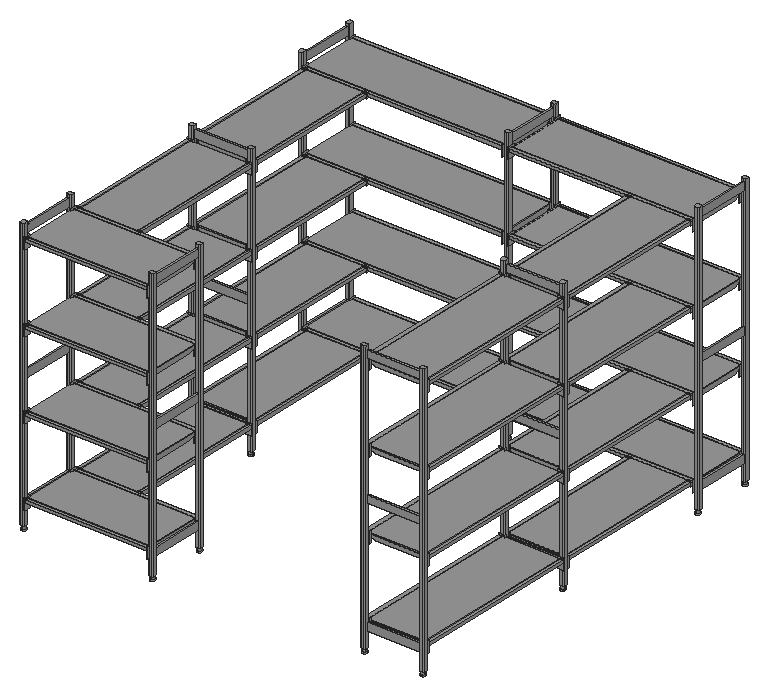
Revit family "QF_ELECTROLUXPROFESSIONAL_137103_CRS2424", category Attrezzature speciali, Revit 2020 (continued)
Definition of nested family "QF_708"
  Lines and regions (mm)
    symbolic lines
      curve 9: line (327, -350, 1700) -> (327, -314.007, 1700)
      curve 10: line (327, -314.007, 1700) -> (323, -314.007, 1700)
      curve 11: line (-385, -12.993, 1700) -> (-385, -314.007, 1700)
      curve 12: line (-385, -331, 1700) -> (323, -331, 1700)
      curve 13: line (323, -12.993, 1700) -> (323, -314.007, 1700)
  Dimensions and locks
    locked: plane 3 "LEFT" to plane 4 "RIGHT" at 772
    equal spacing: plane 3 "LEFT", plane 2 "Center (Left/Right)", plane 4 "RIGHT"
    locked: plane 7 "TOP" to level at 1700
    locked: plane 5 "BACK" to plane 6 "FRONT" at 373
    locked: plane 4 "RIGHT" to plane 8 at 5
    locked: plane 9 to plane 10 at 708
    locked: plane 3 "LEFT" to plane 9 at 32
    plane 12 to plane 10 = 5 mm
    locked: plane 13 to plane 14 at 310
    equal spacing: plane 13, plane 11 "Center (Front/Back)", plane 14
    equal spacing: plane 5 "BACK", plane 11 "Center (Front/Back)", plane 6 "FRONT"
    plane 15 "FEET" to level = 25 mm
    plane 7 "TOP" to plane 15 "FEET" = 1675 mm
    plane 17 to plane 16 = 450 mm
    plane 18 to plane 17 = 450 mm
    plane 19 to plane 18 = 450 mm
    locked: plane 3 "LEFT" to plane 20 "CXLeft" at 14
    locked: plane 21 "CXRight" to plane 4 "RIGHT" at 14
    locked: plane 5 "BACK" to plane 23 "CYBack" at 17.5
    locked: plane 24 "CYFront" to plane 6 "FRONT" at 17.5
    plane 16 to level = 140 mm
    plane 17 to level = 590 mm
    plane 18 to level = 1040 mm
    plane 19 to level = 1490 mm
    aligned and locked: level to plane 1
    aligned and locked: plane 9 to Extrusion 2
    aligned and locked: Extrusion 2 to plane 10
    aligned and locked: plane 9 to Extrusion 1
    aligned and locked: Extrusion 1 to plane 10
    aligned and locked: Extrusion 1 sketch curve to Extrusion 1 sketch curve  (x2)
    aligned and locked: Extrusion 3 sketch curve to Extrusion 3 sketch curve  (x3)
    aligned and locked: Extrusion 3 to plane 12
    aligned and locked: Extrusion 3 to plane 10
    aligned and locked: plane 20 "CXLeft" to nested 1
    aligned and locked: plane 21 "CXRight" to nested 2
  Automatic sketch dimensions
    Extrusion 1 sketch curve to plane 6 "FRONT" = 0 mm  (x4)
    Extrusion 1 sketch curve to plane 5 "BACK" = 0 mm  (x4)
    plane 24 "CYFront" to Extrusion 1 sketch curve = 1.5 mm  (x2)
    plane 22 to Extrusion 1 sketch curve = 1.5 mm  (x4)
    plane 16 to Extrusion 1 sketch curve = 7.998 mm  (x2)
    Extrusion 1 sketch curve to Extrusion 1 sketch curve = 17.997 mm  (x8)
    plane 17 to Extrusion 1 sketch curve = 7.998 mm  (x2)
    plane 18 to Extrusion 1 sketch curve = 7.998 mm  (x2)
    plane 19 to Extrusion 1 sketch curve = 7.998 mm  (x2)
    plane 24 "CYFront" to Extrusion 2 sketch curve = 3.5 mm  (x4)
    plane 22 to Extrusion 2 sketch curve = 3.493 mm  (x4)
    plane 16 to Extrusion 2 sketch curve = 19.496 mm
    Extrusion 2 sketch curve to Extrusion 2 sketch curve = 6.499 mm  (x4)
    plane 17 to Extrusion 2 sketch curve = 19.496 mm
    plane 18 to Extrusion 2 sketch curve = 19.496 mm
    plane 19 to Extrusion 2 sketch curve = 19.496 mm
    plane 24 "CYFront" to Extrusion 3 sketch curve = 1.5 mm  (x4)
    Extrusion 3 sketch curve to Extrusion 3 sketch curve = 2 mm
    plane 14 to Extrusion 3 sketch curve = 3.5 mm  (x4)
    Extrusion 3 sketch curve to plane 16 = 4.006 mm
    Extrusion 3 sketch curve to Extrusion 3 sketch curve = 34 mm  (x4)
    Extrusion 3 sketch curve to plane 17 = 4.006 mm
    Extrusion 3 sketch curve to plane 18 = 4.006 mm
    Extrusion 3 sketch curve to plane 19 = 4.006 mm
    Extrusion 3 sketch curve to plane 13 = 37.5 mm  (x4)
    Extrusion 3 sketch curve to plane 13 = 3.5 mm  (x4)
    plane 22 to Extrusion 3 sketch curve = 3.493 mm  (x4)
    plane 22 to Extrusion 3 sketch curve = 1.5 mm  (x4)
    plane 16 to Extrusion 3 sketch curve = 7.998 mm  (x2)
    Extrusion 3 sketch curve to Extrusion 3 sketch curve = 11.498 mm  (x4)
    Extrusion 3 sketch curve to Extrusion 3 sketch curve = 6.499 mm  (x8)
    plane 17 to Extrusion 3 sketch curve = 7.998 mm  (x2)
    plane 18 to Extrusion 3 sketch curve = 7.998 mm  (x2)
    plane 19 to Extrusion 3 sketch curve = 7.998 mm  (x2)
    curve 6 to plane 6 "FRONT" = 0 mm
    curve 12 to plane 9 = 0 mm
    curve 12 to plane 10 = 0 mm
    curve 5 to plane 14 = 0 mm
    curve 11 to plane 9 = 0 mm
    curve 8 to plane 10 = 0 mm
    curve 4 to plane 13 = 0 mm
    curve 1 to plane 9 = 0 mm
    curve 1 to plane 10 = 0 mm
    curve 2 to plane 5 "BACK" = 0 mm
    plane 14 to curve 10 = 4.493 mm
    curve 7 to plane 13 = 4.493 mm
    curve 10 to plane 10 = 4 mm
    curve 7 to plane 10 = 4 mm
    plane 24 "CYFront" to curve 12 = 1.5 mm
    curve 5 to plane 14 = 6.254 mm
    plane 14 to curve 11 = 4.493 mm
    curve 11 to plane 13 = 4.493 mm
    plane 13 to curve 4 = 6.254 mm
    plane 22 to curve 1 = 1.5 mm
    curve 3 to plane 22 = 7.746 mm
    curve 3 to plane 5 "BACK" = 3.5 mm
    curve 5 to curve 9 = 6.254 mm
    curve 3 to curve 2 = 6.254 mm
    curve 4 to curve 7 = 6.254 mm
    plane 9 to curve 2 = 4 mm
    plane 9 to curve 6 = 4 mm
  Nested families
    nested 1: "WT_Anta373B" at (0, 0, 0), type "WT_Anta373B"
    nested 2: "WT_Anta373B" at (-62, 0, 0) x (-1, 0, 0) z (0, 0, 1), type "WT_Anta373B"
  Definition of nested family "WT_Anta373B"
    Parameters
      WidthLeft = A + 64 mm  # 772 mm
      Width = 1606 mm
      Right = WidthLeft / 2  # 386 mm
      Default Elevation = 0 mm
      Left = -WidthLeft / 2  # -386 mm
      Height = 1590 mm
      FEET = 25 mm
      E = 0 mm
      Dint = Depth - 63 mm  # 310 mm
      Dext = Depth - 8 mm  # 365 mm
      Depth = 373 mm
      DX = (WidthLeft - A) / 2  # 32 mm
      B = 798 mm
      A = 708 mm
    Reference planes
      plane 1: z = 0
      plane 2 "LEFT": x = -417
      plane 3 "BACK": y = 23
      plane 4 "FRONT": y = -350
      plane 5 "TOP": z = 1590
      plane 6 "Center (Front/Back)": y = -163.5
      plane 7: y = -8.5
      plane 8: y = -318.5
      plane 9 "FEET": z = 25
      plane 10: z = 140
      plane 11: z = 590
      plane 12: z = 1040
      plane 13: z = 1490
      plane 14 "CXLeft": x = -403
      plane 15: y = 5.5
      plane 16 "CYBack": y = 5.5
      plane 17 "CYFront": y = -332.5
      plane 18: x = -385.031
      plane 19: x = -380.031
    Forms (mm)
      Extrusion 1, solid
        sketch origin (0, 0, 0) x (1, 0, 0) y (0, 1, 0)
          loop
            line (-417, 13.246) -> (-417, -2.246) -> (-410.746, -8.5) -> (-395.254, -8.5) -> (-389, -2.246) -> (-389, 13.246) -> (-395.254, 19.5) -> (-410.746, 19.5) -> (-417, 13.246)
        from 1590 to 25
      Extrusion 2, solid
        sketch origin (-417, 0, 0) x (0, 1, 0) y (0, 0, 1)
          loop
            line (23, 111.005) -> (23, 172.993) -> (-12.993, 172.993) -> (-12.993, 111.005) -> (23, 111.005)
          loop
            line (-350, 111.005) -> (-314.007, 111.005) -> (-314.007, 172.993) -> (-350, 172.993) -> (-350, 111.005)
          loop
            line (23, 561.005) -> (23, 622.993) -> (-12.993, 622.993) -> (-12.993, 561.005) -> (23, 561.005)
          loop
            line (-350, 561.005) -> (-314.007, 561.005) -> (-314.007, 622.993) -> (-350, 622.993) -> (-350, 561.005)
          loop
            line (23, 1011.005) -> (23, 1072.993) -> (-12.993, 1072.993) -> (-12.993, 1011.005) -> (23, 1011.005)
          loop
            line (-350, 1011.005) -> (-314.007, 1011.005) -> (-314.007, 1072.993) -> (-350, 1072.993) -> (-350, 1011.005)
          loop
            line (23, 1461.005) -> (23, 1522.993) -> (-12.993, 1522.993) -> (-12.993, 1461.005) -> (23, 1461.005)
          loop
            line (-350, 1461.005) -> (-314.007, 1461.005) -> (-314.007, 1522.993) -> (-350, 1522.993) -> (-350, 1461.005)
        from 28 to 32
      Revolve 3, solid
        sketch origin (-403, 0, 0) x (0, 1, 0) y (0, 0, 1)
          loop
            line (5.5, 25) -> (5.5, 0) -> (19, 0) -> (19, 5) -> (14, 5) -> (14, 25) -> (5.5, 25)
          axis (5.5, 25) -> (5.5, 0)
        angle from 0 to 360
      Extrusion 4, solid
        sketch origin (-403, 0, 0) x (0, 1, 0) y (0, 0, 1)
          loop
            line (-8.5, 777.382) -> (-8.5, 822.374) -> (-318.5, 822.374) -> (-318.5, 777.382) -> (-8.5, 777.382)
          loop
            line (-8.5, 1527.244) -> (-8.5, 1572.236) -> (-318.5, 1572.236) -> (-318.5, 1527.244) -> (-8.5, 1527.244)
        from -5 to 5
      Revolve 5, solid
        sketch origin (-403, -627, 0) x (0, -1, 0) y (0, 0, 1)
          loop
            line (-294.5, 25) -> (-294.5, 0) -> (-281, 0) -> (-281, 5) -> (-286, 5) -> (-286, 25) -> (-294.5, 25)
          axis (-294.5, 25) -> (-294.5, 0)
        angle from 0 to 360
      Extrusion 6, solid
        sketch origin (0, -627, 0) x (1, 0, 0) y (0, 1, 0)
          loop
            line (-417, 286.754) -> (-410.746, 280.5) -> (-395.254, 280.5) -> (-389, 286.754) -> (-389, 302.246) -> (-395.254, 308.5) -> (-410.746, 308.5) -> (-417, 302.246) -> (-417, 286.754)
        from 1590 to 25
      Extrusion 7, solid
        sketch origin (-417.031, -0.022, 0) x (0, 1, 0) y (0, 0, -1)
          loop
            line (-12, -1497.998) -> (-46, -1485.994) -> (-281, -1485.994) -> (-315, -1497.998) -> (-331, -1497.998) -> (-331, -1515.994) -> (-329, -1515.994) -> (-329, -1509.496) -> (2.007, -1509.496) -> (2.007, -1515.994) -> (4, -1515.994) -> (4, -1497.998) -> (-12, -1497.998)
          loop
            line (-12, -1047.998) -> (-46, -1035.994) -> (-281, -1035.994) -> (-315, -1047.998) -> (-331, -1047.998) -> (-331, -1065.994) -> (-329, -1065.994) -> (-329, -1059.496) -> (2.007, -1059.496) -> (2.007, -1065.994) -> (4, -1065.994) -> (4, -1047.998) -> (-12, -1047.998)
          loop
            line (-12, -597.998) -> (-46, -585.994) -> (-281, -585.994) -> (-315, -597.998) -> (-331, -597.998) -> (-331, -615.994) -> (-329, -615.994) -> (-329, -609.496) -> (2.007, -609.496) -> (2.007, -615.994) -> (4, -615.994) -> (4, -597.998) -> (-12, -597.998)
          loop
            line (-12, -147.998) -> (-46, -135.994) -> (-281, -135.994) -> (-315, -147.998) -> (-331, -147.998) -> (-331, -165.994) -> (-329, -165.994) -> (-329, -159.496) -> (2.007, -159.496) -> (2.007, -165.994) -> (4, -165.994) -> (4, -147.998) -> (-12, -147.998)
        from -32 to -37
      Extrusion 8, solid
        sketch origin (-403, 0, -659.878) x (0, 1, 0) y (0, 0, 1)
          loop
            line (-8.5, 777.382) -> (-8.5, 822.374) -> (-318.5, 822.374) -> (-318.5, 777.382) -> (-8.5, 777.382)
          loop
            line (-8.5, 1437.382) -> (-8.5, 1482.374) -> (-318.5, 1482.374) -> (-318.5, 1437.382) -> (-8.5, 1437.382)
          loop
            line (-8.5, 2187.382) -> (-8.5, 2232.374) -> (-318.5, 2232.374) -> (-318.5, 2187.382) -> (-8.5, 2187.382)
        from -5 to 5
    Lines and regions (mm)
      symbolic lines
        curve 1: line (-408, -8.5, 1590) -> (-408, -318.5, 1590)
        curve 2: line (-398, -318.5, 1590) -> (-398, -8.5, 1590)
        curve 3: line (-395.254, -8.5, 1590) -> (-410.746, -8.5, 1590)
        curve 4: line (-417, -2.246, 1590) -> (-410.746, -8.5, 1590)
        curve 5: line (-417, 13.246, 1590) -> (-417, -2.246, 1590)
        curve 6: line (-410.746, 19.5, 1590) -> (-417, 13.246, 1590)
        curve 7: line (-395.254, 19.5, 1590) -> (-410.746, 19.5, 1590)
        curve 8: line (-389, 13.246, 1590) -> (-395.254, 19.5, 1590)
        curve 9: line (-395.254, -8.5, 1590) -> (-389, -2.246, 1590)
        curve 10: line (-395.254, -318.5, 1590) -> (-410.746, -318.5, 1590)
        curve 11: line (-417, -324.754, 1590) -> (-410.746, -318.5, 1590)
        curve 12: line (-410.746, -346.5, 1590) -> (-417, -340.246, 1590)
        curve 13: line (-395.254, -346.5, 1590) -> (-410.746, -346.5, 1590)
        curve 14: line (-389, -340.246, 1590) -> (-395.254, -346.5, 1590)
        curve 15: line (-395.254, -318.5, 1590) -> (-389, -324.754, 1590)
        curve 16: line (-389, -350, 1590) -> (-389, -314.007, 1590)
        curve 17: line (-389, -314.007, 1590) -> (-385, -314.007, 1590)
        curve 18: line (-389, 23, 1590) -> (-389, -12.993, 1590)
        curve 19: line (-389, -12.993, 1590) -> (-385, -12.993, 1590)
        curve 20: line (-417, -324.754, 1590) -> (-417, -340.246, 1590)
        curve 21: line (-385, -350, 1590) -> (-385, -314.007, 1590)
        curve 22: line (-385, -350, 1590) -> (-389, -350, 1590)
        curve 23: line (-385, 23, 1590) -> (-389, 23, 1590)
        curve 24: line (-385, -12.993, 1590) -> (-385, 23, 1590)
        curve 25: line (-385.031, -13.016, 1725) -> (-385.031, -314.029, 1725)
    Dimensions and locks
      "Depth": plane 3 "BACK" to plane 4 "FRONT"
      "Dint": plane 7 to plane 8
      equal spacing: plane 7, plane 6 "Center (Front/Back)", plane 8
      equal spacing: plane 3 "BACK", plane 6 "Center (Front/Back)", plane 4 "FRONT"
      plane 9 "FEET" to level = 25 mm
      plane 10 to plane 9 "FEET" = 115 mm
      plane 11 to plane 10 = 450 mm
      plane 12 to plane 11 = 450 mm
      plane 13 to plane 12 = 450 mm
      locked: plane 2 "LEFT" to plane 14 "CXLeft" at 14
      locked: plane 3 "BACK" to plane 16 "CYBack" at 17.5
      locked: plane 17 "CYFront" to plane 4 "FRONT" at 17.5
      locked: Revolve 3 sketch curve to Revolve 3 sketch curve at 8.5
      locked: Revolve 3 sketch curve to plane 16 "CYBack" at 13.5
      locked: Revolve 5 sketch curve to Revolve 5 sketch curve at 8.5
      plane 10 to level = 140 mm
      plane 11 to level = 590 mm
      plane 12 to level = 1040 mm
      plane 13 to level = 1490 mm
      "Height": plane 5 "TOP" to level
      aligned and locked: level to plane 1
      aligned and locked: curve 20 to Extrusion 6
      aligned and locked: plane 5 "TOP" to Extrusion 1
      aligned and locked: plane 5 "TOP" to Extrusion 6
      aligned and locked: Extrusion 7 sketch curve to Extrusion 7 sketch curve  (x3)
    Automatic sketch dimensions
      curve 16 to plane 4 "FRONT" = 0 mm
      curve 11 to plane 8 = 0 mm
      curve 9 to plane 7 = 0 mm
      curve 5 to plane 2 "LEFT" = 0 mm
      curve 23 to plane 3 "BACK" = 0 mm
      plane 4 "FRONT" to curve 13 = 3.5 mm
      curve 20 to plane 17 "CYFront" = 7.746 mm
      curve 20 to plane 8 = 6.254 mm
      plane 8 to curve 16 = 4.493 mm
      curve 24 to plane 18 = 0.031 mm
      curve 24 to plane 7 = 4.493 mm
      plane 7 to curve 5 = 6.254 mm
      curve 5 to plane 15 = 7.746 mm
      curve 6 to plane 3 "BACK" = 3.5 mm
      curve 21 to plane 18 = 0.031 mm
      plane 18 to curve 23 = 3.969 mm
      plane 18 to curve 16 = 3.969 mm
      curve 18 to curve 8 = 6.254 mm
      curve 18 to curve 3 = 6.254 mm
      curve 16 to curve 13 = 6.254 mm
      curve 16 to curve 15 = 6.254 mm
      plane 2 "LEFT" to curve 10 = 6.254 mm
      plane 2 "LEFT" to curve 7 = 6.254 mm
      plane 2 "LEFT" to curve 12 = 6.254 mm
      plane 2 "LEFT" to curve 3 = 6.254 mm
      curve 14 to plane 17 "CYFront" = 7.746 mm
      curve 15 to plane 8 = 6.254 mm
      plane 7 to curve 9 = 6.254 mm
      curve 8 to plane 15 = 7.746 mm
      curve 3 to curve 2 = 2.746 mm
      curve 1 to curve 10 = 2.746 mm
      Extrusion 1 sketch curve to plane 2 "LEFT" = 0 mm
      Extrusion 1 sketch curve to plane 7 = 0 mm
      plane 2 "LEFT" to Extrusion 1 sketch curve = 6.254 mm  (x2)
      plane 14 "CXLeft" to Extrusion 1 sketch curve = 7.746 mm  (x2)
      Extrusion 1 sketch curve to plane 3 "BACK" = 3.5 mm
      plane 18 to Extrusion 1 sketch curve = 3.969 mm
      plane 7 to Extrusion 1 sketch curve = 6.254 mm  (x2)
      Extrusion 1 sketch curve to plane 15 = 7.746 mm  (x2)
      Extrusion 2 sketch curve to plane 4 "FRONT" = 0 mm  (x4)
      Extrusion 2 sketch curve to plane 3 "BACK" = 0 mm  (x4)
      plane 8 to Extrusion 2 sketch curve = 4.493 mm  (x4)
      Extrusion 2 sketch curve to plane 7 = 4.493 mm  (x4)
      Extrusion 2 sketch curve to plane 10 = 28.995 mm  (x2)
      plane 10 to Extrusion 2 sketch curve = 32.993 mm  (x2)
      Extrusion 2 sketch curve to plane 11 = 28.995 mm  (x2)
      plane 11 to Extrusion 2 sketch curve = 32.993 mm  (x2)
      Extrusion 2 sketch curve to plane 12 = 28.995 mm  (x2)
      plane 12 to Extrusion 2 sketch curve = 32.993 mm  (x2)
      Extrusion 2 sketch curve to plane 13 = 28.995 mm  (x2)
      plane 13 to Extrusion 2 sketch curve = 32.993 mm  (x2)
      Revolve 3 sketch curve to plane 9 "FEET" = 0 mm  (x2)
      Revolve 3 sketch curve to plane 15 = 0 mm  (x2)
      Revolve 3 sketch curve to level = 0 mm
      level to Revolve 3 sketch curve = 5 mm
      Revolve 3 sketch curve to Revolve 3 sketch curve = 11.655 mm
      Extrusion 4 sketch curve to plane 8 = 0 mm  (x2)
      Extrusion 4 sketch curve to plane 7 = 0 mm  (x2)
      plane 11 to Extrusion 4 sketch curve = 187.382 mm
      Extrusion 4 sketch curve to Extrusion 4 sketch curve = 44.992 mm
      plane 13 to Extrusion 4 sketch curve = 37.244 mm
      Extrusion 4 sketch curve to plane 5 "TOP" = 17.764 mm
      Revolve 5 sketch curve to plane 9 "FEET" = 0 mm  (x2)
      Revolve 5 sketch curve to plane 17 "CYFront" = 0 mm  (x2)
      Revolve 5 sketch curve to level = 0 mm
      Revolve 5 sketch curve to plane 4 "FRONT" = 4 mm
      Revolve 5 sketch curve to Revolve 5 sketch curve = 5 mm
      level to Revolve 5 sketch curve = 11.655 mm
      Extrusion 6 sketch curve to plane 2 "LEFT" = 0 mm
      Extrusion 6 sketch curve to plane 8 = 0 mm
      Extrusion 6 sketch curve to plane 2 "LEFT" = 6.254 mm  (x2)
      Extrusion 6 sketch curve to plane 14 "CXLeft" = 7.746 mm  (x2)
      Extrusion 6 sketch curve to plane 4 "FRONT" = 3.5 mm
      Extrusion 6 sketch curve to plane 18 = 3.969 mm
      plane 8 to Extrusion 6 sketch curve = 6.254 mm  (x2)
      plane 17 "CYFront" to Extrusion 6 sketch curve = 7.746 mm  (x2)
      plane 17 "CYFront" to Extrusion 7 sketch curve = 1.478 mm  (x4)
      Extrusion 7 sketch curve to Extrusion 7 sketch curve = 2 mm
      plane 8 to Extrusion 7 sketch curve = 3.478 mm  (x4)
      Extrusion 7 sketch curve to plane 10 = 4.006 mm
      Extrusion 7 sketch curve to Extrusion 7 sketch curve = 34 mm  (x4)
      Extrusion 7 sketch curve to plane 11 = 4.006 mm
      Extrusion 7 sketch curve to plane 12 = 4.006 mm
      Extrusion 7 sketch curve to plane 13 = 4.006 mm
      Extrusion 7 sketch curve to plane 7 = 37.522 mm  (x4)
      Extrusion 7 sketch curve to plane 7 = 3.522 mm  (x4)
      plane 15 to Extrusion 7 sketch curve = 3.516 mm  (x4)
      plane 15 to Extrusion 7 sketch curve = 1.522 mm  (x4)
      plane 13 to Extrusion 7 sketch curve = 7.998 mm  (x2)
      Extrusion 7 sketch curve to Extrusion 7 sketch curve = 11.498 mm
      Extrusion 7 sketch curve to Extrusion 7 sketch curve = 6.499 mm  (x5)
      plane 12 to Extrusion 7 sketch curve = 25.994 mm  (x2)
      plane 12 to Extrusion 7 sketch curve = 7.998 mm  (x2)
      plane 11 to Extrusion 7 sketch curve = 25.994 mm  (x2)
      plane 11 to Extrusion 7 sketch curve = 7.998 mm  (x2)
      plane 10 to Extrusion 7 sketch curve = 25.994 mm  (x2)
      plane 10 to Extrusion 7 sketch curve = 7.998 mm  (x2)
      curve 25 to plane 18 = 0 mm
      plane 8 to curve 25 = 4.471 mm
      curve 25 to plane 7 = 4.516 mm
      Extrusion 8 sketch curve to plane 8 = 0 mm  (x3)
      Extrusion 8 sketch curve to plane 7 = 0 mm  (x3)
      Extrusion 8 sketch curve to plane 10 = 22.496 mm
      plane 10 to Extrusion 8 sketch curve = 22.496 mm
      plane 11 to Extrusion 8 sketch curve = 187.504 mm
      Extrusion 8 sketch curve to Extrusion 8 sketch curve = 44.992 mm
      plane 13 to Extrusion 8 sketch curve = 37.504 mm
      Extrusion 8 sketch curve to plane 5 "TOP" = 17.504 mm
Definition of nested family "QF_798G"
  Parameters
    Default Elevation = 0 mm
    Model = "137031"
    Manufacturer = "Electrolux Professional"
    Description = ""
  Reference planes
    plane 1: z = 0
    plane 2 "Center (F/B)": y = -163.5
    plane 3 "Front": y = -549.5
    plane 4 "Left": x = -217.5
    plane 5 "Right": x = 155.5
    plane 6 "TOP": z = 1700
    plane 7: y = -517.5
    plane 8: y = 280.5
    plane 9 "Center (Left/Right)": x = -31
    plane 10: y = 275.5
    plane 11: x = -186
    plane 12: x = 124
    plane 13 "FEET": z = 25
    plane 14: z = 140
    plane 15: z = 590
    plane 16: z = 1040
    plane 17: z = 1490
    plane 18 "CXLeft": y = -535.5
    plane 19: x = -200
    plane 20 "CYBack": x = -200
    plane 21 "CYFront": x = 138
    plane 22 "Back": y = 284.5
    plane 23 "LEFT_ORIGIN": x = -251.5
    plane 24 "BACK_Origin": y = 657.5
  Forms (mm)
    Extrusion 1, solid
      sketch origin (0, -549.5, 0) x (-1, 0, 0) y (0, 0, 1)
        loop
          line (198.5, 1515.994) -> (198.5, 1497.998) -> (217.5, 1497.998) -> (217.5, 1515.994) -> (198.5, 1515.994)
        loop
          line (-136.5, 1515.994) -> (-155.5, 1515.994) -> (-155.5, 1497.998) -> (-136.5, 1497.998) -> (-136.5, 1515.994)
        loop
          line (198.5, 1065.994) -> (198.5, 1047.998) -> (217.5, 1047.998) -> (217.5, 1065.994) -> (198.5, 1065.994)
        loop
          line (-136.5, 1065.994) -> (-155.5, 1065.994) -> (-155.5, 1047.998) -> (-136.5, 1047.998) -> (-136.5, 1065.994)
        loop
          line (198.5, 615.994) -> (198.5, 597.998) -> (217.5, 597.998) -> (217.5, 615.994) -> (198.5, 615.994)
        loop
          line (-136.5, 615.994) -> (-155.5, 615.994) -> (-155.5, 597.998) -> (-136.5, 597.998) -> (-136.5, 615.994)
        loop
          line (198.5, 165.994) -> (198.5, 147.998) -> (217.5, 147.998) -> (217.5, 165.994) -> (198.5, 165.994)
        loop
          line (-136.5, 165.994) -> (-155.5, 165.994) -> (-155.5, 147.998) -> (-136.5, 147.998) -> (-136.5, 165.994)
      from 32 to 830
    Extrusion 2, solid
      sketch origin (0, -549.5, 0) x (-1, 0, 0) y (0, 0, 1)
        loop
          line (196.507, 1515.994) -> (-134.5, 1515.994) -> (-134.5, 1509.496) -> (196.507, 1509.496) -> (196.507, 1515.994)
        loop
          line (196.507, 1065.994) -> (-134.5, 1065.994) -> (-134.5, 1059.496) -> (196.507, 1059.496) -> (196.507, 1065.994)
        loop
          line (196.507, 615.994) -> (-134.5, 615.994) -> (-134.5, 609.496) -> (196.507, 609.496) -> (196.507, 615.994)
        loop
          line (196.507, 165.994) -> (-134.5, 165.994) -> (-134.5, 159.496) -> (196.507, 159.496) -> (196.507, 165.994)
      from 32 to 830
  Lines and regions (mm)
    symbolic lines
      curve 1: line (-198.5, 280.5, 1700) -> (-198.5, -517.5, 1700)
      curve 2: line (-217.5, -521.5, 1700) -> (-217.5, 280.5, 1700)
      curve 3: line (155.5, -521.5, 1700) -> (155.5, 280.5, 1700)
      curve 4: line (-181.507, -517.5, 1700) -> (119.507, -517.5, 1700)
      curve 5: line (136.5, -517.5, 1700) -> (136.5, 280.5, 1700)
      curve 6: line (-198.5, 280.5, 1700) -> (136.5, 280.5, 1700)
  Dimensions and locks
    plane 3 "Front" to plane 2 "Center (F/B)" = 386 mm
    locked: plane 4 "Left" to plane 5 "Right" at 373
    locked: plane 7 to plane 8 at 798
    locked: plane 3 "Front" to plane 7 at 32
    plane 10 to plane 8 = 5 mm
    locked: plane 11 to plane 12 at 310
    equal spacing: plane 11, plane 9 "Center (Left/Right)", plane 12
    equal spacing: plane 4 "Left", plane 9 "Center (Left/Right)", plane 5 "Right"
    locked: plane 3 "Front" to plane 18 "CXLeft" at 14
    locked: plane 3 "Front" to plane 22 "Back" at 834
    plane 23 "LEFT_ORIGIN" to plane 5 "Right" = 407 mm
    locked: plane 22 "Back" to plane 24 "BACK_Origin" at 373
    plane 14 to level = 140 mm
    plane 15 to level = 590 mm
    plane 16 to level = 1040 mm
    locked: plane 6 "TOP" to level at 1700
    plane 17 to level = 1490 mm
    plane 13 "FEET" to level = 25 mm
    aligned and locked: level to plane 1
    aligned and locked: Extrusion 2 to plane 7
    aligned and locked: plane 8 to Extrusion 2
    aligned and locked: Extrusion 1 to plane 7
    aligned and locked: plane 8 to Extrusion 1
    aligned and locked: Extrusion 1 sketch curve to Extrusion 1 sketch curve  (x2)
    aligned and locked: nested 1 to plane 18 "CXLeft"
    aligned and locked: nested 2 to plane 10
  Automatic sketch dimensions
    curve 2 to plane 4 "Left" = 0 mm
    curve 3 to plane 5 "Right" = 0 mm
    plane 7 to curve 1 = 0 mm
    plane 7 to curve 4 = 0 mm
    plane 7 to curve 5 = 0 mm
    plane 8 to curve 2 = 0 mm
    plane 8 to curve 1 = 0 mm
    plane 8 to curve 3 = 0 mm
    plane 21 "CYFront" to curve 5 = 1.5 mm
    plane 19 to curve 6 = 1.5 mm
    plane 7 to curve 3 = 4 mm
    plane 7 to curve 2 = 4 mm
    plane 12 to curve 4 = 4.493 mm
    curve 4 to plane 11 = 4.493 mm
    plane 5 "Right" to Extrusion 1 sketch curve = 0 mm  (x4)
    plane 4 "Left" to Extrusion 1 sketch curve = 0 mm  (x4)
    plane 21 "CYFront" to Extrusion 1 sketch curve = 1.5 mm  (x2)
    plane 19 to Extrusion 1 sketch curve = 1.5 mm  (x4)
    plane 14 to Extrusion 1 sketch curve = 7.998 mm  (x2)
    Extrusion 1 sketch curve to Extrusion 1 sketch curve = 17.997 mm  (x8)
    plane 15 to Extrusion 1 sketch curve = 7.998 mm  (x2)
    plane 16 to Extrusion 1 sketch curve = 7.998 mm  (x2)
    plane 17 to Extrusion 1 sketch curve = 7.998 mm  (x2)
    plane 21 "CYFront" to Extrusion 2 sketch curve = 3.5 mm  (x4)
    plane 19 to Extrusion 2 sketch curve = 3.493 mm  (x4)
    plane 14 to Extrusion 2 sketch curve = 19.496 mm
    Extrusion 2 sketch curve to Extrusion 2 sketch curve = 6.499 mm  (x4)
    plane 15 to Extrusion 2 sketch curve = 19.496 mm
    plane 16 to Extrusion 2 sketch curve = 19.496 mm
    plane 17 to Extrusion 2 sketch curve = 19.496 mm
  Nested families
    nested 1: "WT_Anta373B" at (-194.5, -132.5, 0) x (0, 1, 0) z (0, 0, 1), type "WT_Anta373B"
    nested 2: "WT_Aggancio373B" at (-194.5, 692.5, 0) x (0, 1, 0) z (0, 0, 1), type "WT_Aggancio373B"
  Definition of nested family "WT_Anta373B"
    Parameters
      WidthLeft = A + 64 mm  # 772 mm
      Width = 1606 mm
      Right = WidthLeft / 2  # 386 mm
      Default Elevation = 0 mm
      Left = -WidthLeft / 2  # -386 mm
      Height = 1590 mm
      FEET = 25 mm
      E = 0 mm
      Dint = Depth - 63 mm  # 310 mm
      Dext = Depth - 8 mm  # 365 mm
      Depth = 373 mm
      DX = (WidthLeft - A) / 2  # 32 mm
      B = 798 mm
      A = 708 mm
    Reference planes
      plane 1: z = 0
      plane 2 "LEFT": x = -417
      plane 3 "BACK": y = 23
      plane 4 "FRONT": y = -350
      plane 5 "TOP": z = 1590
      plane 6 "Center (Front/Back)": y = -163.5
      plane 7: y = -8.5
      plane 8: y = -318.5
      plane 9 "FEET": z = 25
      plane 10: z = 140
      plane 11: z = 590
      plane 12: z = 1040
      plane 13: z = 1490
      plane 14 "CXLeft": x = -403
      plane 15: y = 5.5
      plane 16 "CYBack": y = 5.5
      plane 17 "CYFront": y = -332.5
      plane 18: x = -385.031
      plane 19: x = -380.031
    Forms (mm)
      Extrusion 1, solid
        sketch origin (0, 0, 0) x (1, 0, 0) y (0, 1, 0)
          loop
            line (-417, 13.246) -> (-417, -2.246) -> (-410.746, -8.5) -> (-395.254, -8.5) -> (-389, -2.246) -> (-389, 13.246) -> (-395.254, 19.5) -> (-410.746, 19.5) -> (-417, 13.246)
        from 1590 to 25
      Extrusion 2, solid
        sketch origin (-417, 0, 0) x (0, 1, 0) y (0, 0, 1)
          loop
            line (23, 111.005) -> (23, 172.993) -> (-12.993, 172.993) -> (-12.993, 111.005) -> (23, 111.005)
          loop
            line (-350, 111.005) -> (-314.007, 111.005) -> (-314.007, 172.993) -> (-350, 172.993) -> (-350, 111.005)
          loop
            line (23, 561.005) -> (23, 622.993) -> (-12.993, 622.993) -> (-12.993, 561.005) -> (23, 561.005)
          loop
            line (-350, 561.005) -> (-314.007, 561.005) -> (-314.007, 622.993) -> (-350, 622.993) -> (-350, 561.005)
          loop
            line (23, 1011.005) -> (23, 1072.993) -> (-12.993, 1072.993) -> (-12.993, 1011.005) -> (23, 1011.005)
          loop
            line (-350, 1011.005) -> (-314.007, 1011.005) -> (-314.007, 1072.993) -> (-350, 1072.993) -> (-350, 1011.005)
          loop
            line (23, 1461.005) -> (23, 1522.993) -> (-12.993, 1522.993) -> (-12.993, 1461.005) -> (23, 1461.005)
          loop
            line (-350, 1461.005) -> (-314.007, 1461.005) -> (-314.007, 1522.993) -> (-350, 1522.993) -> (-350, 1461.005)
        from 28 to 32
      Revolve 3, solid
        sketch origin (-403, 0, 0) x (0, 1, 0) y (0, 0, 1)
          loop
            line (5.5, 25) -> (5.5, 0) -> (19, 0) -> (19, 5) -> (14, 5) -> (14, 25) -> (5.5, 25)
          axis (5.5, 25) -> (5.5, 0)
        angle from 0 to 360
      Extrusion 4, solid
        sketch origin (-403, 0, 0) x (0, 1, 0) y (0, 0, 1)
          loop
            line (-8.5, 777.382) -> (-8.5, 822.374) -> (-318.5, 822.374) -> (-318.5, 777.382) -> (-8.5, 777.382)
          loop
            line (-8.5, 1527.244) -> (-8.5, 1572.236) -> (-318.5, 1572.236) -> (-318.5, 1527.244) -> (-8.5, 1527.244)
        from -5 to 5
      Revolve 5, solid
        sketch origin (-403, -627, 0) x (0, -1, 0) y (0, 0, 1)
          loop
            line (-294.5, 25) -> (-294.5, 0) -> (-281, 0) -> (-281, 5) -> (-286, 5) -> (-286, 25) -> (-294.5, 25)
          axis (-294.5, 25) -> (-294.5, 0)
        angle from 0 to 360
      Extrusion 6, solid
        sketch origin (0, -627, 0) x (1, 0, 0) y (0, 1, 0)
          loop
            line (-417, 286.754) -> (-410.746, 280.5) -> (-395.254, 280.5) -> (-389, 286.754) -> (-389, 302.246) -> (-395.254, 308.5) -> (-410.746, 308.5) -> (-417, 302.246) -> (-417, 286.754)
        from 1590 to 25
      Extrusion 7, solid
        sketch origin (-417.031, -0.022, 0) x (0, 1, 0) y (0, 0, -1)
          loop
            line (-12, -1497.998) -> (-46, -1485.994) -> (-281, -1485.994) -> (-315, -1497.998) -> (-331, -1497.998) -> (-331, -1515.994) -> (-329, -1515.994) -> (-329, -1509.496) -> (2.007, -1509.496) -> (2.007, -1515.994) -> (4, -1515.994) -> (4, -1497.998) -> (-12, -1497.998)
          loop
            line (-12, -1047.998) -> (-46, -1035.994) -> (-281, -1035.994) -> (-315, -1047.998) -> (-331, -1047.998) -> (-331, -1065.994) -> (-329, -1065.994) -> (-329, -1059.496) -> (2.007, -1059.496) -> (2.007, -1065.994) -> (4, -1065.994) -> (4, -1047.998) -> (-12, -1047.998)
          loop
            line (-12, -597.998) -> (-46, -585.994) -> (-281, -585.994) -> (-315, -597.998) -> (-331, -597.998) -> (-331, -615.994) -> (-329, -615.994) -> (-329, -609.496) -> (2.007, -609.496) -> (2.007, -615.994) -> (4, -615.994) -> (4, -597.998) -> (-12, -597.998)
          loop
            line (-12, -147.998) -> (-46, -135.994) -> (-281, -135.994) -> (-315, -147.998) -> (-331, -147.998) -> (-331, -165.994) -> (-329, -165.994) -> (-329, -159.496) -> (2.007, -159.496) -> (2.007, -165.994) -> (4, -165.994) -> (4, -147.998) -> (-12, -147.998)
        from -32 to -37
      Extrusion 8, solid
        sketch origin (-403, 0, -659.878) x (0, 1, 0) y (0, 0, 1)
          loop
            line (-8.5, 777.382) -> (-8.5, 822.374) -> (-318.5, 822.374) -> (-318.5, 777.382) -> (-8.5, 777.382)
          loop
            line (-8.5, 1437.382) -> (-8.5, 1482.374) -> (-318.5, 1482.374) -> (-318.5, 1437.382) -> (-8.5, 1437.382)
          loop
            line (-8.5, 2187.382) -> (-8.5, 2232.374) -> (-318.5, 2232.374) -> (-318.5, 2187.382) -> (-8.5, 2187.382)
        from -5 to 5
    Lines and regions (mm)
      symbolic lines
        curve 1: line (-408, -8.5, 1590) -> (-408, -318.5, 1590)
        curve 2: line (-398, -318.5, 1590) -> (-398, -8.5, 1590)
        curve 3: line (-395.254, -8.5, 1590) -> (-410.746, -8.5, 1590)
        curve 4: line (-417, -2.246, 1590) -> (-410.746, -8.5, 1590)
        curve 5: line (-417, 13.246, 1590) -> (-417, -2.246, 1590)
        curve 6: line (-410.746, 19.5, 1590) -> (-417, 13.246, 1590)
        curve 7: line (-395.254, 19.5, 1590) -> (-410.746, 19.5, 1590)
        curve 8: line (-389, 13.246, 1590) -> (-395.254, 19.5, 1590)
        curve 9: line (-395.254, -8.5, 1590) -> (-389, -2.246, 1590)
        curve 10: line (-395.254, -318.5, 1590) -> (-410.746, -318.5, 1590)
        curve 11: line (-417, -324.754, 1590) -> (-410.746, -318.5, 1590)
        curve 12: line (-410.746, -346.5, 1590) -> (-417, -340.246, 1590)
        curve 13: line (-395.254, -346.5, 1590) -> (-410.746, -346.5, 1590)
        curve 14: line (-389, -340.246, 1590) -> (-395.254, -346.5, 1590)
        curve 15: line (-395.254, -318.5, 1590) -> (-389, -324.754, 1590)
        curve 16: line (-389, -350, 1590) -> (-389, -314.007, 1590)
        curve 17: line (-389, -314.007, 1590) -> (-385, -314.007, 1590)
        curve 18: line (-389, 23, 1590) -> (-389, -12.993, 1590)
        curve 19: line (-389, -12.993, 1590) -> (-385, -12.993, 1590)
        curve 20: line (-417, -324.754, 1590) -> (-417, -340.246, 1590)
        curve 21: line (-385, -350, 1590) -> (-385, -314.007, 1590)
        curve 22: line (-385, -350, 1590) -> (-389, -350, 1590)
        curve 23: line (-385, 23, 1590) -> (-389, 23, 1590)
        curve 24: line (-385, -12.993, 1590) -> (-385, 23, 1590)
        curve 25: line (-385.031, -13.016, 1725) -> (-385.031, -314.029, 1725)
    Dimensions and locks
      "Depth": plane 3 "BACK" to plane 4 "FRONT"
      "Dint": plane 7 to plane 8
      equal spacing: plane 7, plane 6 "Center (Front/Back)", plane 8
      equal spacing: plane 3 "BACK", plane 6 "Center (Front/Back)", plane 4 "FRONT"
      plane 9 "FEET" to level = 25 mm
      plane 10 to plane 9 "FEET" = 115 mm
      plane 11 to plane 10 = 450 mm
      plane 12 to plane 11 = 450 mm
      plane 13 to plane 12 = 450 mm
      locked: plane 2 "LEFT" to plane 14 "CXLeft" at 14
      locked: plane 3 "BACK" to plane 16 "CYBack" at 17.5
      locked: plane 17 "CYFront" to plane 4 "FRONT" at 17.5
      locked: Revolve 3 sketch curve to Revolve 3 sketch curve at 8.5
      locked: Revolve 3 sketch curve to plane 16 "CYBack" at 13.5
      locked: Revolve 5 sketch curve to Revolve 5 sketch curve at 8.5
      plane 10 to level = 140 mm
      plane 11 to level = 590 mm
      plane 12 to level = 1040 mm
      plane 13 to level = 1490 mm
      "Height": plane 5 "TOP" to level
      aligned and locked: level to plane 1
      aligned and locked: curve 20 to Extrusion 6
      aligned and locked: plane 5 "TOP" to Extrusion 1
      aligned and locked: plane 5 "TOP" to Extrusion 6
      aligned and locked: Extrusion 7 sketch curve to Extrusion 7 sketch curve  (x3)
    Automatic sketch dimensions
      curve 16 to plane 4 "FRONT" = 0 mm
      curve 11 to plane 8 = 0 mm
      curve 9 to plane 7 = 0 mm
      curve 5 to plane 2 "LEFT" = 0 mm
      curve 23 to plane 3 "BACK" = 0 mm
      plane 4 "FRONT" to curve 13 = 3.5 mm
      curve 20 to plane 17 "CYFront" = 7.746 mm
      curve 20 to plane 8 = 6.254 mm
      plane 8 to curve 16 = 4.493 mm
      curve 24 to plane 18 = 0.031 mm
      curve 24 to plane 7 = 4.493 mm
      plane 7 to curve 5 = 6.254 mm
      curve 5 to plane 15 = 7.746 mm
      curve 6 to plane 3 "BACK" = 3.5 mm
      curve 21 to plane 18 = 0.031 mm
      plane 18 to curve 23 = 3.969 mm
      plane 18 to curve 16 = 3.969 mm
      curve 18 to curve 8 = 6.254 mm
      curve 18 to curve 3 = 6.254 mm
      curve 16 to curve 13 = 6.254 mm
      curve 16 to curve 15 = 6.254 mm
      plane 2 "LEFT" to curve 10 = 6.254 mm
      plane 2 "LEFT" to curve 7 = 6.254 mm
      plane 2 "LEFT" to curve 12 = 6.254 mm
      plane 2 "LEFT" to curve 3 = 6.254 mm
      curve 14 to plane 17 "CYFront" = 7.746 mm
      curve 15 to plane 8 = 6.254 mm
      plane 7 to curve 9 = 6.254 mm
      curve 8 to plane 15 = 7.746 mm
      curve 3 to curve 2 = 2.746 mm
      curve 1 to curve 10 = 2.746 mm
      Extrusion 1 sketch curve to plane 2 "LEFT" = 0 mm
      Extrusion 1 sketch curve to plane 7 = 0 mm
      plane 2 "LEFT" to Extrusion 1 sketch curve = 6.254 mm  (x2)
      plane 14 "CXLeft" to Extrusion 1 sketch curve = 7.746 mm  (x2)
      Extrusion 1 sketch curve to plane 3 "BACK" = 3.5 mm
      plane 18 to Extrusion 1 sketch curve = 3.969 mm
      plane 7 to Extrusion 1 sketch curve = 6.254 mm  (x2)
      Extrusion 1 sketch curve to plane 15 = 7.746 mm  (x2)
      Extrusion 2 sketch curve to plane 4 "FRONT" = 0 mm  (x4)
      Extrusion 2 sketch curve to plane 3 "BACK" = 0 mm  (x4)
      plane 8 to Extrusion 2 sketch curve = 4.493 mm  (x4)
      Extrusion 2 sketch curve to plane 7 = 4.493 mm  (x4)
      Extrusion 2 sketch curve to plane 10 = 28.995 mm  (x2)
      plane 10 to Extrusion 2 sketch curve = 32.993 mm  (x2)
      Extrusion 2 sketch curve to plane 11 = 28.995 mm  (x2)
      plane 11 to Extrusion 2 sketch curve = 32.993 mm  (x2)
      Extrusion 2 sketch curve to plane 12 = 28.995 mm  (x2)
      plane 12 to Extrusion 2 sketch curve = 32.993 mm  (x2)
      Extrusion 2 sketch curve to plane 13 = 28.995 mm  (x2)
      plane 13 to Extrusion 2 sketch curve = 32.993 mm  (x2)
      Revolve 3 sketch curve to plane 9 "FEET" = 0 mm  (x2)
      Revolve 3 sketch curve to plane 15 = 0 mm  (x2)
      Revolve 3 sketch curve to level = 0 mm
      level to Revolve 3 sketch curve = 5 mm
      Revolve 3 sketch curve to Revolve 3 sketch curve = 11.655 mm
      Extrusion 4 sketch curve to plane 8 = 0 mm  (x2)
      Extrusion 4 sketch curve to plane 7 = 0 mm  (x2)
      plane 11 to Extrusion 4 sketch curve = 187.382 mm
      Extrusion 4 sketch curve to Extrusion 4 sketch curve = 44.992 mm
      plane 13 to Extrusion 4 sketch curve = 37.244 mm
      Extrusion 4 sketch curve to plane 5 "TOP" = 17.764 mm
      Revolve 5 sketch curve to plane 9 "FEET" = 0 mm  (x2)
      Revolve 5 sketch curve to plane 17 "CYFront" = 0 mm  (x2)
      Revolve 5 sketch curve to level = 0 mm
      Revolve 5 sketch curve to plane 4 "FRONT" = 4 mm
      Revolve 5 sketch curve to Revolve 5 sketch curve = 5 mm
      level to Revolve 5 sketch curve = 11.655 mm
      Extrusion 6 sketch curve to plane 2 "LEFT" = 0 mm
      Extrusion 6 sketch curve to plane 8 = 0 mm
      Extrusion 6 sketch curve to plane 2 "LEFT" = 6.254 mm  (x2)
      Extrusion 6 sketch curve to plane 14 "CXLeft" = 7.746 mm  (x2)
      Extrusion 6 sketch curve to plane 4 "FRONT" = 3.5 mm
      Extrusion 6 sketch curve to plane 18 = 3.969 mm
      plane 8 to Extrusion 6 sketch curve = 6.254 mm  (x2)
      plane 17 "CYFront" to Extrusion 6 sketch curve = 7.746 mm  (x2)
      plane 17 "CYFront" to Extrusion 7 sketch curve = 1.478 mm  (x4)
      Extrusion 7 sketch curve to Extrusion 7 sketch curve = 2 mm
      plane 8 to Extrusion 7 sketch curve = 3.478 mm  (x4)
      Extrusion 7 sketch curve to plane 10 = 4.006 mm
      Extrusion 7 sketch curve to Extrusion 7 sketch curve = 34 mm  (x4)
      Extrusion 7 sketch curve to plane 11 = 4.006 mm
      Extrusion 7 sketch curve to plane 12 = 4.006 mm
      Extrusion 7 sketch curve to plane 13 = 4.006 mm
      Extrusion 7 sketch curve to plane 7 = 37.522 mm  (x4)
      Extrusion 7 sketch curve to plane 7 = 3.522 mm  (x4)
      plane 15 to Extrusion 7 sketch curve = 3.516 mm  (x4)
      plane 15 to Extrusion 7 sketch curve = 1.522 mm  (x4)
      plane 13 to Extrusion 7 sketch curve = 7.998 mm  (x2)
      Extrusion 7 sketch curve to Extrusion 7 sketch curve = 11.498 mm
      Extrusion 7 sketch curve to Extrusion 7 sketch curve = 6.499 mm  (x5)
      plane 12 to Extrusion 7 sketch curve = 25.994 mm  (x2)
      plane 12 to Extrusion 7 sketch curve = 7.998 mm  (x2)
      plane 11 to Extrusion 7 sketch curve = 25.994 mm  (x2)
      plane 11 to Extrusion 7 sketch curve = 7.998 mm  (x2)
      plane 10 to Extrusion 7 sketch curve = 25.994 mm  (x2)
      plane 10 to Extrusion 7 sketch curve = 7.998 mm  (x2)
      curve 25 to plane 18 = 0 mm
      plane 8 to curve 25 = 4.471 mm
      curve 25 to plane 7 = 4.516 mm
      Extrusion 8 sketch curve to plane 8 = 0 mm  (x3)
      Extrusion 8 sketch curve to plane 7 = 0 mm  (x3)
      Extrusion 8 sketch curve to plane 10 = 22.496 mm
      plane 10 to Extrusion 8 sketch curve = 22.496 mm
      plane 11 to Extrusion 8 sketch curve = 187.504 mm
      Extrusion 8 sketch curve to Extrusion 8 sketch curve = 44.992 mm
      plane 13 to Extrusion 8 sketch curve = 37.504 mm
      Extrusion 8 sketch curve to plane 5 "TOP" = 17.504 mm
  Definition of nested family "WT_Aggancio373B"
    Parameters
      WidthLeft = A + 64 mm  # 772 mm
      Width = 1606 mm
      Right = WidthLeft / 2  # 386 mm
      Default Elevation = 0 mm
      Left = -WidthLeft / 2  # -386 mm
      Height = 1590 mm
      FEET = 25 mm
      E = 0 mm
      Dint = Depth - 63 mm  # 310 mm
      Dext = Depth - 8 mm  # 365 mm
      Depth = 373 mm
      DX = (WidthLeft - A) / 2  # 32 mm
      B = 798 mm
      A = 708 mm
    Reference planes
      plane 1: z = 0
      plane 2 "LEFT": x = -417
      plane 3 "BACK": y = 23
      plane 4 "FRONT": y = -350
      plane 5 "TOP": z = 1590
      plane 6 "Center (Front/Back)": y = -163.5
      plane 7: y = -8.5
      plane 8: y = -318.5
      plane 9 "FEET": z = 25
      plane 10: z = 140
      plane 11: z = 590
      plane 12: z = 1040
      plane 13: z = 1490
      plane 14: y = 5.5
      plane 15 "CYBack": y = 5.5
      plane 16 "CYFront": y = -332.5
    Forms (mm)
      Extrusion 1, solid
        sketch origin (-380, -0.022, 0) x (0, 1, 0) y (0, 0, 1)
          loop
            line (-12, 1497.998) -> (4, 1497.998) -> (4, 1515.994) -> (2.007, 1515.994) -> (2.007, 1509.496) -> (-329, 1509.496) -> (-329, 1515.994) -> (-331, 1515.994) -> (-331, 1497.998) -> (-315, 1497.998) -> (-281, 1485.994) -> (-46, 1485.994) -> (-12, 1497.998)
          loop
            line (-12, 1047.998) -> (4, 1047.998) -> (4, 1065.994) -> (2.007, 1065.994) -> (2.007, 1059.496) -> (-329, 1059.496) -> (-329, 1065.994) -> (-331, 1065.994) -> (-331, 1047.998) -> (-315, 1047.998) -> (-281, 1035.994) -> (-46, 1035.994) -> (-12, 1047.998)
          loop
            line (-12, 597.998) -> (4, 597.998) -> (4, 615.994) -> (2.007, 615.994) -> (2.007, 609.496) -> (-329, 609.496) -> (-329, 615.994) -> (-331, 615.994) -> (-331, 597.998) -> (-315, 597.998) -> (-281, 585.994) -> (-46, 585.994) -> (-12, 597.998)
          loop
            line (-12, 147.998) -> (4, 147.998) -> (4, 165.994) -> (2.007, 165.994) -> (2.007, 159.496) -> (-329, 159.496) -> (-329, 165.994) -> (-331, 165.994) -> (-331, 147.998) -> (-315, 147.998) -> (-281, 135.994) -> (-46, 135.994) -> (-12, 147.998)
        from -32 to -37
      Extrusion 2, solid
        sketch origin (-793.062, -324.754, 6.5) x (1, 0, 0) y (0, 0, 1)
          loop
            line (385.062, 1509.496) -> (385.062, 1512.496) -> (376.062, 1512.496) -> (376.062, 1485.994) -> (390.031, 1485.994) -> (390.031, 1491.496) -> (381.062, 1491.496) -> (381.062, 1509.496) -> (385.062, 1509.496)
          loop
            line (385.062, 1059.496) -> (385.062, 1062.496) -> (376.062, 1062.496) -> (376.062, 1035.994) -> (390.031, 1035.994) -> (390.031, 1041.496) -> (381.062, 1041.496) -> (381.062, 1059.496) -> (385.062, 1059.496)
          loop
            line (385.062, 609.496) -> (385.062, 612.496) -> (376.062, 612.496) -> (376.062, 585.994) -> (390.031, 585.994) -> (390.031, 591.496) -> (381.062, 591.496) -> (381.062, 609.496) -> (385.062, 609.496)
          loop
            line (385.062, 159.496) -> (385.062, 162.496) -> (376.062, 162.496) -> (376.062, 135.994) -> (390.031, 135.994) -> (390.031, 141.496) -> (381.062, 141.496) -> (381.062, 159.496) -> (385.062, 159.496)
        from 6.268 to 25.246
      Extrusion 3, solid
        sketch origin (-793.062, 32.754, 6.5) x (1, 0, 0) y (0, 0, 1)
          loop
            line (385.062, 1509.496) -> (385.062, 1512.496) -> (376.062, 1512.496) -> (376.062, 1485.994) -> (390.031, 1485.994) -> (390.031, 1491.496) -> (381.062, 1491.496) -> (381.062, 1509.496) -> (385.062, 1509.496)
          loop
            line (385.062, 1059.496) -> (385.062, 1062.496) -> (376.062, 1062.496) -> (376.062, 1035.994) -> (390.031, 1035.994) -> (390.031, 1041.496) -> (381.062, 1041.496) -> (381.062, 1059.496) -> (385.062, 1059.496)
          loop
            line (385.062, 609.496) -> (385.062, 612.496) -> (376.062, 612.496) -> (376.062, 585.994) -> (390.031, 585.994) -> (390.031, 591.496) -> (381.062, 591.496) -> (381.062, 609.496) -> (385.062, 609.496)
          loop
            line (385.062, 159.496) -> (385.062, 162.496) -> (376.062, 162.496) -> (376.062, 135.994) -> (390.031, 135.994) -> (390.031, 141.496) -> (381.062, 141.496) -> (381.062, 159.496) -> (385.062, 159.496)
        from 9.754 to 28.776
    Lines and regions (mm)
      symbolic lines
        curve 1: line (-412, -350, 0) -> (-408, -350, 0)
        curve 2: line (-412, -331.022, 0) -> (-412, -350, 0)
        curve 3: line (-408, -331.022, 0) -> (-412, -331.022, 0)
        curve 4: line (-408, -350, 0) -> (-408, -331.022, 0)
        curve 5: line (-412, 3.978, 0) -> (-408, 3.978, 0)
        curve 6: line (-412, 23, 0) -> (-412, 3.978, 0)
        curve 7: line (-408, 23, 0) -> (-412, 23, 0)
        curve 8: line (-408, 3.978, 0) -> (-408, 23, 0)
    Dimensions and locks
      "Height": plane 5 "TOP" to level
      "Depth": plane 3 "BACK" to plane 4 "FRONT"
      "Dint": plane 7 to plane 8
      equal spacing: plane 7, plane 6 "Center (Front/Back)", plane 8
      equal spacing: plane 3 "BACK", plane 6 "Center (Front/Back)", plane 4 "FRONT"
      plane 9 "FEET" to level = 25 mm
      plane 10 to plane 9 "FEET" = 115 mm
      locked: plane 11 to plane 10 at 450
      locked: plane 12 to plane 11 at 450
      locked: plane 13 to plane 12 at 450
      locked: plane 3 "BACK" to plane 15 "CYBack" at 17.5
      locked: plane 16 "CYFront" to plane 4 "FRONT" at 17.5
      aligned and locked: level to plane 1
      aligned and locked: Extrusion 1 sketch curve to Extrusion 1 sketch curve  (x3)
    Automatic sketch dimensions
      plane 16 "CYFront" to Extrusion 1 sketch curve = 1.478 mm  (x4)
      Extrusion 1 sketch curve to Extrusion 1 sketch curve = 2 mm
      plane 8 to Extrusion 1 sketch curve = 3.478 mm  (x4)
      Extrusion 1 sketch curve to plane 10 = 4.006 mm
      Extrusion 1 sketch curve to Extrusion 1 sketch curve = 34 mm  (x4)
      Extrusion 1 sketch curve to plane 11 = 4.006 mm
      Extrusion 1 sketch curve to plane 12 = 4.006 mm
      Extrusion 1 sketch curve to plane 13 = 4.006 mm
      Extrusion 1 sketch curve to plane 7 = 37.522 mm  (x4)
      Extrusion 1 sketch curve to plane 7 = 3.522 mm  (x4)
      plane 14 to Extrusion 1 sketch curve = 3.516 mm  (x4)
      plane 14 to Extrusion 1 sketch curve = 1.522 mm  (x4)
      plane 10 to Extrusion 1 sketch curve = 7.998 mm  (x2)
      Extrusion 1 sketch curve to Extrusion 1 sketch curve = 11.498 mm  (x4)
      Extrusion 1 sketch curve to Extrusion 1 sketch curve = 6.499 mm  (x8)
      plane 11 to Extrusion 1 sketch curve = 7.998 mm  (x2)
      plane 12 to Extrusion 1 sketch curve = 7.998 mm  (x2)
      plane 13 to Extrusion 1 sketch curve = 7.998 mm  (x2)
      plane 2 "LEFT" to Extrusion 2 sketch curve = 0 mm  (x4)
      plane 13 to Extrusion 2 sketch curve = 7.996 mm
      plane 11 to Extrusion 2 sketch curve = 7.996 mm
      Extrusion 2 sketch curve to Extrusion 2 sketch curve = 5 mm  (x4)
      plane 11 to Extrusion 2 sketch curve = 2.494 mm
      plane 10 to Extrusion 2 sketch curve = 28.996 mm
      Extrusion 2 sketch curve to Extrusion 2 sketch curve = 3 mm  (x4)
      plane 10 to Extrusion 2 sketch curve = 7.996 mm
      plane 10 to Extrusion 2 sketch curve = 2.494 mm
      Extrusion 2 sketch curve to Extrusion 2 sketch curve = 18 mm  (x3)
      plane 12 to Extrusion 2 sketch curve = 2.494 mm
      plane 12 to Extrusion 2 sketch curve = 7.996 mm
      plane 13 to Extrusion 2 sketch curve = 2.494 mm
      plane 2 "LEFT" to Extrusion 3 sketch curve = 0 mm  (x4)
      plane 13 to Extrusion 3 sketch curve = 7.996 mm
      plane 11 to Extrusion 3 sketch curve = 7.996 mm
      Extrusion 3 sketch curve to Extrusion 3 sketch curve = 5 mm  (x4)
      plane 11 to Extrusion 3 sketch curve = 2.494 mm
      plane 10 to Extrusion 3 sketch curve = 28.996 mm
      Extrusion 3 sketch curve to Extrusion 3 sketch curve = 3 mm  (x4)
      plane 10 to Extrusion 3 sketch curve = 7.996 mm
      plane 10 to Extrusion 3 sketch curve = 2.494 mm
      Extrusion 3 sketch curve to Extrusion 3 sketch curve = 18 mm  (x3)
      plane 12 to Extrusion 3 sketch curve = 2.494 mm
      plane 12 to Extrusion 3 sketch curve = 7.996 mm
      plane 13 to Extrusion 3 sketch curve = 2.494 mm
      plane 2 "LEFT" to curve 1 = 5 mm
      plane 2 "LEFT" to curve 7 = 5 mm
      curve 1 to plane 16 "CYFront" = 17.5 mm
      curve 3 to plane 8 = 12.522 mm
      plane 7 to curve 5 = 12.478 mm
      curve 7 to plane 14 = 17.5 mm
      curve 5 to curve 5 = 4 mm
      curve 1 to curve 4 = 4 mm
      Extrusion 2 sketch curve to Extrusion 2 sketch curve = 4 mm  (x4)
      Extrusion 2 sketch curve to Extrusion 2 sketch curve = 8.969 mm  (x4)
      Extrusion 3 sketch curve to Extrusion 3 sketch curve = 4 mm  (x4)
      Extrusion 3 sketch curve to Extrusion 3 sketch curve = 8.969 mm  (x4)
Definition of nested family "QF_886G"
  Parameters
    Default Elevation = 0 mm
    Model = "137032"
    Manufacturer = "Electrolux Professional"
    Description = ""
  Reference planes
    plane 1: z = 0
    plane 2 "Center (F/B)": y = -163.5
    plane 3 "Front": y = -549.5
    plane 4 "Left": x = -217.5
    plane 5 "Right": x = 155.5
    plane 6 "TOP": z = 1700
    plane 7: y = -517.5
    plane 8: y = 368.5
    plane 9 "Center (Left/Right)": x = -31
    plane 10: y = 363.5
    plane 11: x = -186
    plane 12: x = 124
    plane 13 "FEET": z = 25
    plane 14: z = 140
    plane 15: z = 590
    plane 16: z = 1040
    plane 17: z = 1490
    plane 18 "CXLeft": y = -535.5
    plane 19: x = -200
    plane 20 "CYBack": x = -200
    plane 21 "CYFront": x = 138
    plane 22 "Back": y = 372.5
    plane 23 "LEFT_ORIGIN": x = -251.5
    plane 24 "BACK_Origin": y = 745.5
  Forms (mm)
    Extrusion 1, solid
      sketch origin (0, -549.5, 0) x (-1, 0, 0) y (0, 0, 1)
        loop
          line (198.5, 1515.994) -> (198.5, 1497.998) -> (217.5, 1497.998) -> (217.5, 1515.994) -> (198.5, 1515.994)
        loop
          line (-136.5, 1515.994) -> (-155.5, 1515.994) -> (-155.5, 1497.998) -> (-136.5, 1497.998) -> (-136.5, 1515.994)
        loop
          line (198.5, 1065.994) -> (198.5, 1047.998) -> (217.5, 1047.998) -> (217.5, 1065.994) -> (198.5, 1065.994)
        loop
          line (-136.5, 1065.994) -> (-155.5, 1065.994) -> (-155.5, 1047.998) -> (-136.5, 1047.998) -> (-136.5, 1065.994)
        loop
          line (198.5, 615.994) -> (198.5, 597.998) -> (217.5, 597.998) -> (217.5, 615.994) -> (198.5, 615.994)
        loop
          line (-136.5, 615.994) -> (-155.5, 615.994) -> (-155.5, 597.998) -> (-136.5, 597.998) -> (-136.5, 615.994)
        loop
          line (198.5, 165.994) -> (198.5, 147.998) -> (217.5, 147.998) -> (217.5, 165.994) -> (198.5, 165.994)
        loop
          line (-136.5, 165.994) -> (-155.5, 165.994) -> (-155.5, 147.998) -> (-136.5, 147.998) -> (-136.5, 165.994)
      from 32 to 918
    Extrusion 2, solid
      sketch origin (0, -549.5, 0) x (-1, 0, 0) y (0, 0, 1)
        loop
          line (196.507, 1515.994) -> (-134.5, 1515.994) -> (-134.5, 1509.496) -> (196.507, 1509.496) -> (196.507, 1515.994)
        loop
          line (196.507, 1065.994) -> (-134.5, 1065.994) -> (-134.5, 1059.496) -> (196.507, 1059.496) -> (196.507, 1065.994)
        loop
          line (196.507, 615.994) -> (-134.5, 615.994) -> (-134.5, 609.496) -> (196.507, 609.496) -> (196.507, 615.994)
        loop
          line (196.507, 165.994) -> (-134.5, 165.994) -> (-134.5, 159.496) -> (196.507, 159.496) -> (196.507, 165.994)
      from 32 to 918
  Lines and regions (mm)
    symbolic lines
      curve 1: line (-198.5, 368.5, 1700) -> (-198.5, -517.5, 1700)
      curve 2: line (-217.5, -521.5, 1700) -> (-217.5, 368.5, 1700)
      curve 3: line (155.5, -521.5, 1700) -> (155.5, 368.5, 1700)
      curve 4: line (-181.507, -517.5, 1700) -> (119.507, -517.5, 1700)
      curve 5: line (136.5, -517.5, 1700) -> (136.5, 368.5, 1700)
      curve 6: line (-198.5, 368.5, 1700) -> (136.5, 368.5, 1700)
  Dimensions and locks
    plane 3 "Front" to plane 2 "Center (F/B)" = 386 mm
    locked: plane 4 "Left" to plane 5 "Right" at 373
    locked: plane 7 to plane 8 at 886
    locked: plane 3 "Front" to plane 7 at 32
    plane 10 to plane 8 = 5 mm
    locked: plane 11 to plane 12 at 310
    equal spacing: plane 11, plane 9 "Center (Left/Right)", plane 12
    equal spacing: plane 4 "Left", plane 9 "Center (Left/Right)", plane 5 "Right"
    locked: plane 3 "Front" to plane 18 "CXLeft" at 14
    locked: plane 3 "Front" to plane 22 "Back" at 922
    plane 23 "LEFT_ORIGIN" to plane 5 "Right" = 407 mm
    locked: plane 22 "Back" to plane 24 "BACK_Origin" at 373
    plane 14 to level = 140 mm
    plane 15 to level = 590 mm
    plane 16 to level = 1040 mm
    locked: plane 6 "TOP" to level at 1700
    plane 17 to level = 1490 mm
    plane 13 "FEET" to level = 25 mm
    aligned and locked: level to plane 1
    aligned and locked: Extrusion 2 to plane 7
    aligned and locked: plane 8 to Extrusion 2
    aligned and locked: Extrusion 1 to plane 7
    aligned and locked: plane 8 to Extrusion 1
    aligned and locked: Extrusion 1 sketch curve to Extrusion 1 sketch curve  (x2)
    aligned and locked: nested 1 to plane 18 "CXLeft"
    aligned and locked: nested 2 to plane 10
  Automatic sketch dimensions
    curve 2 to plane 4 "Left" = 0 mm
    curve 3 to plane 5 "Right" = 0 mm
    plane 7 to curve 1 = 0 mm
    plane 7 to curve 4 = 0 mm
    plane 7 to curve 5 = 0 mm
    plane 8 to curve 2 = 0 mm
    plane 8 to curve 1 = 0 mm
    plane 8 to curve 3 = 0 mm
    plane 21 "CYFront" to curve 5 = 1.5 mm
    plane 19 to curve 6 = 1.5 mm
    plane 7 to curve 3 = 4 mm
    plane 7 to curve 2 = 4 mm
    plane 12 to curve 4 = 4.493 mm
    curve 4 to plane 11 = 4.493 mm
    plane 5 "Right" to Extrusion 1 sketch curve = 0 mm  (x4)
    plane 4 "Left" to Extrusion 1 sketch curve = 0 mm  (x4)
    plane 21 "CYFront" to Extrusion 1 sketch curve = 1.5 mm  (x2)
    plane 19 to Extrusion 1 sketch curve = 1.5 mm  (x4)
    plane 14 to Extrusion 1 sketch curve = 7.998 mm  (x2)
    Extrusion 1 sketch curve to Extrusion 1 sketch curve = 17.997 mm  (x8)
    plane 15 to Extrusion 1 sketch curve = 7.998 mm  (x2)
    plane 16 to Extrusion 1 sketch curve = 7.998 mm  (x2)
    plane 17 to Extrusion 1 sketch curve = 7.998 mm  (x2)
    plane 21 "CYFront" to Extrusion 2 sketch curve = 3.5 mm  (x4)
    plane 19 to Extrusion 2 sketch curve = 3.493 mm  (x4)
    plane 14 to Extrusion 2 sketch curve = 19.496 mm
    Extrusion 2 sketch curve to Extrusion 2 sketch curve = 6.499 mm  (x4)
    plane 15 to Extrusion 2 sketch curve = 19.496 mm
    plane 16 to Extrusion 2 sketch curve = 19.496 mm
    plane 17 to Extrusion 2 sketch curve = 19.496 mm
  Nested families
    nested 1: "WT_Anta373B" at (-194.5, -132.5, 0) x (0, 1, 0) z (0, 0, 1), type "WT_Anta373B"
    nested 2: "WT_Aggancio373B" at (-194.5, 780.5, 0) x (0, 1, 0) z (0, 0, 1), type "WT_Aggancio373B"
  Definition of nested family "WT_Anta373B"
    Parameters
      WidthLeft = A + 64 mm  # 772 mm
      Width = 1606 mm
      Right = WidthLeft / 2  # 386 mm
      Default Elevation = 0 mm
      Left = -WidthLeft / 2  # -386 mm
      Height = 1590 mm
      FEET = 25 mm
      E = 0 mm
      Dint = Depth - 63 mm  # 310 mm
      Dext = Depth - 8 mm  # 365 mm
      Depth = 373 mm
      DX = (WidthLeft - A) / 2  # 32 mm
      B = 798 mm
      A = 708 mm
    Reference planes
      plane 1: z = 0
      plane 2 "LEFT": x = -417
      plane 3 "BACK": y = 23
      plane 4 "FRONT": y = -350
      plane 5 "TOP": z = 1590
